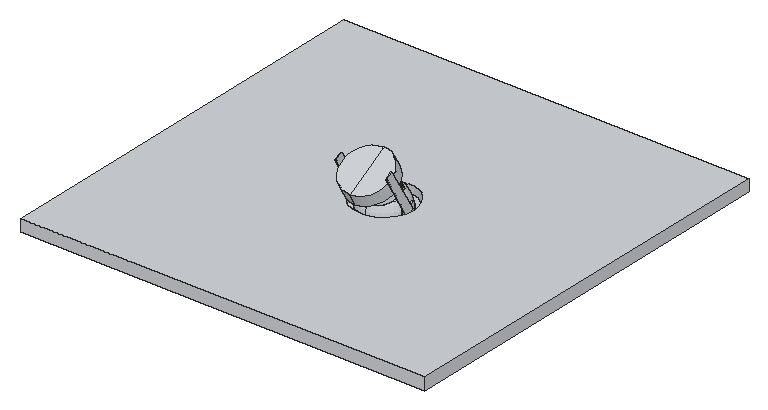
Revit family "Ambiance_X100_Directional", category Lighting Fixtures, Revit 2014
Parameters (values of type "Ambiance X100 Directional")
  Wattage Comments = "11.7"
  Wattage = 11.7 W
  built-in parameter 1150110 = 1 (stored number, unit not read)
  Type Comments = "Recessed"
  Type = "Ambiance X100 Directional"
  built-in parameter 1114217 = 1 (stored number, unit not read)
  built-in parameter 1150109 = 1 (stored number, unit not read)
  built-in parameter 1150134 = (empty or 0)
  built-in parameter 1150113 = 1 (stored number, unit not read)
  O/A Diameter (mm) = "100"
  Model = "Ambiance X100 Directional"
  Manufacturer = "Designed Architectural Lighting"
  Luminous flux of luminaire (lm) = "1300"
  Lumens = 1298.7 lm
  built-in parameter 1150115 = 1 (stored number, unit not read)
  built-in parameter 1150105 = 103.35 (stored number, unit not read)
  Light Source Symbol Size = 609.6 mm
  built-in parameter 1150137 = (empty or 0)
  built-in parameter 1150139 = (empty or 0)
  built-in parameter 1150112 = 1 (stored number, unit not read)
  built-in parameter 1150114 = 1 (stored number, unit not read)
  Lamp = "LED"
  built-in parameter 1150132 = (empty or 0)
  built-in parameter 1150102 = (empty or 0)
  built-in parameter 1150138 = (empty or 0)
  built-in parameter 1150107 = 3000 (stored number, unit not read)
  built-in parameter 1150106 = 1.0335 (stored number, unit not read)
  Height (mm) = "90"
  built-in parameter 1150104 = 10.312 (stored number, unit not read)
  Dimming Lamp Color Temperature Shift = <None>
  Description = "Recessed adjustable LED downlighter"
  Cut Out (mm) = "90"
  Colour temperature (K) = "2700/3000/3500/4000"
  Color Filter = 16777215
  CRI = "80"
  built-in parameter 1114218 = 1 (stored number, unit not read)
  built-in parameter 1150133 = 10 (stored number, unit not read)
  Apparent Load = 11.7 VA
  Aperture (mm) = "65"
Reference planes
  plane 1 "Light Source Axis (F/B)": y = 0
  plane 2: z = 0
  plane 3 "Light Source Axis (L/R)": x = 0
  plane 4 "Light Source Elevation": z = 0
Forms (mm)
  Extrusion 1, solid
    sketch origin (-38.915, -66.181, 0) x (1, 0, 0) y (0, 1, 0)
      loop
        line (-261.085, 366.181) -> (-261.085, -233.819) -> (338.915, -233.819) -> (338.915, 366.181) -> (-261.085, 366.181)
      loop
        circle (38.915, 66.181) r 45
    from 0 to 18
  Revolve 2, solid
    sketch origin (0, 5.688, 2.135) x (0, 0.866025, 0.5) y (0, -0.5, 0.866025)
      loop
        line (36.241, 77.71) -> (0, 77.71) -> (0, 57.777) -> (36.241, 57.777) -> (36.241, 77.71)
      axis (0, 77.71) -> (0, 57.777)
    angle from 0 to 360
  Revolve 3, solid
    sketch origin (0, 0, 0) x (0, 1, 0) y (0, 0, 1)
      loop
        line (50, 0) -> (43.735, 0) -> (43.735, 6.649) -> (37.072, 6.649) -> (37.072, 21.887) -> (35.026, 21.887) -> (35.026, -1.916) -> (41.25, -1.916) -> (41.25, -2.962) -> (50, -2.962) -> (50, 0)
      axis (0, 21.887) -> (0, -2.962)
    angle from 0 to 360
  Revolve 4, solid
    sketch origin (0, 6.356, 1.767) x (0, 0.866025, 0.5) y (0, -0.5, 0.866025)
      loop
        arc (-13.039, 51.701) -> (-19.471, 38.967) -> (-23.685, 25.338) r 85.095
        line (-23.685, 25.338) -> (-24.732, 25.338) -> (-24.732, 22.891) -> (-21.991, 22.891)
        arc (-21.991, 22.891) -> (-17.529, 37.705) -> (-10.932, 51.701) r 104.73
        line (-10.932, 51.701) -> (-13.039, 51.701)
      axis (0, 51.701) -> (0, 22.891)
    angle from 0 to 360
  Revolve 5, solid
    sketch origin (0, 0, 0) x (0, 1, 0) y (0, 0, 1)
      loop
        line (36.002, -1.916) -> (35.026, 8.951)
        arc (35.026, 8.951) -> (30.77, 23.706) -> (21.315, 35.807) r 40.401
        line (21.315, 35.807) -> (19.744, 35.386)
        arc (19.744, 35.386) -> (29.504, 22.802) -> (33.899, 7.496) r 42.154
        line (33.899, 7.496) -> (34.839, -2.962) -> (40.897, -2.962) -> (40.897, -1.916) -> (36.002, -1.916)
      axis (0, 35.807) -> (0, -2.962)
    angle from 0 to 360
  Revolve 6, solid
    sketch origin (0, 5.936, 2.005) x (0, 0.866025, 0.5) y (0, -0.5, 0.866025)
      loop
        line (0, 51.701) -> (20.907, 51.701) -> (20.907, 57.777) -> (0, 57.777) -> (0, 51.701)
      axis (0, 57.777) -> (0, 51.701)
    angle from 0 to 360
  Extrusion 7, void
    sketch origin (0, 0, 0) x (1, 0, 0) y (0, 1, 0)
      loop
        arc (-33.603, 9.882) -> (0, 35.026) -> (33.603, 9.882) r 35.026
        line (33.603, 9.882) -> (43.901, 9.882)
        arc (43.901, 9.882) -> (0, 45.075) -> (-43.901, 9.882) r 44.979
        line (-43.901, 9.882) -> (-33.603, 9.882)
      loop
        line (-33.603, -9.882) -> (-43.901, -9.882)
        arc (-43.901, -9.882) -> (0, -44.8) -> (43.901, -9.882) r 45.057
        line (43.901, -9.882) -> (33.603, -9.882)
        arc (33.603, -9.882) -> (0, -35.026) -> (-33.603, -9.882) r 35.026
    from 6.649 to 21.887
  Extrusion 8, solid
    sketch origin (0, 6.639, 0.101) x (1, 0, 0) y (0, 0.866025, 0.5)
      loop
        line (-36.795, 5.639) -> (-38.064, 5.639) -> (-38.064, -5.789) -> (-36.795, -5.789) -> (-36.795, 5.639)
    from 13.867 to 89.835
  Extrusion 9, solid
    sketch origin (74.854, 6.179, 1.275) x (1, 0, 0) y (0, 0.866025, 0.5)
      loop
        line (-36.795, 5.639) -> (-38.064, 5.639) -> (-38.064, -5.789) -> (-36.795, -5.789) -> (-36.795, 5.639)
    from 12.621 to 88.5
  Extrusion 10, void
    sketch origin (0, 0, 0) x (0, 1, 0) y (0, 0, 1)
      loop
        line (24.488, 36.777) -> (-22.244, 35.912) -> (-33.036, 23.497) -> (24.488, 36.777)
    from 0 to 33.603
Cuts and joins
  Extrusion 7 cuts Extrusion 1
  Extrusion 7 cuts Revolve 2
  Extrusion 7 cuts Revolve 3
  Extrusion 7, Extrusion 10 cuts Revolve 5
Dimensions and locks
  aligned and locked: plane 3 "Light Source Axis (L/R)" to imposter light
  aligned and locked: plane 1 "Light Source Axis (F/B)" to imposter light
  aligned and locked: plane 4 "Light Source Elevation" to imposter light
  aligned and locked: level to plane 2
